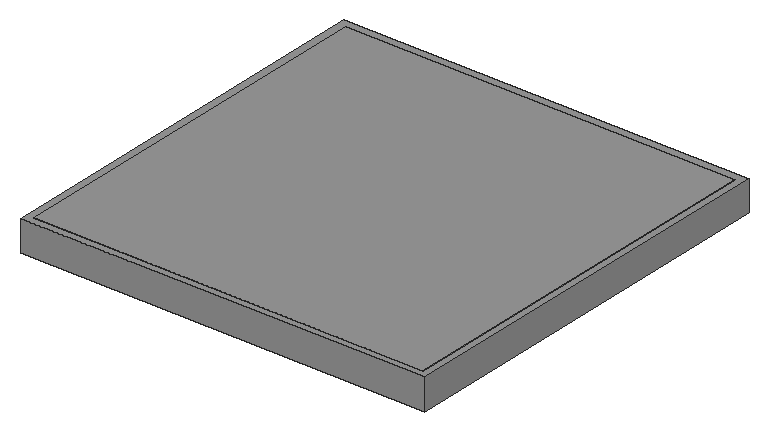
Revit family "ДВО-09 30 Вт Грильято DALI", category Осветительные приборы, Revit 2019 (continued)
Types (6, lengths in mm): name | Эффективность светильника | Файл фотометрической сетки | Тип рассеивателя | Световой поток модуля | built-in parameter 1150142 | Wattage | built-in parameter 1114217 | built-in parameter 1150134 | Lumens | built-in parameter 1150105 | Категория по ограничению яркости | built-in parameter 1150107 | built-in parameter 1150106 | Габаритная яркость | Артикул | URL
    3 238.5 234.7 230.3 226.5 221.8 217.8 213.3 209.3 204.5 200.6 196.1 192.2 187.5 183.7 179.2 175.4 170.9 167.1 162.6 158.6 153.8 149.7 144.9 140.5 135.3 130.9 125.8 121.5 116.3 111.9 107 102.9 98 94.1 89.7 85.9 81.7 78.2 74.4 71.2 67.6 64.7 61.6 58.9 56 53.6 51 48.9 46.5 44.7 42.8 41.1 39.5 38.4 37.1 36 35.1 34.3 33.6 32.9 32.2 31.8 31.1 30.6 30 29.5 28.8 28.2 27.5 26.7 26 25.2 24.3 23.5 22.6 21.4 20 18.6 16.9 15.2 13.4 11.8 10 8.5 6.9 5.6 4.3 3.3\r\n433.6 433.6 433.6 433.6 433.7 433.6 433.6 433.4 433.3 433.1 432.8 432.5 432.2 431.8 431.5 431 430.6 430.1 429.7 429.2 428.6 427.9 427.2 426.4 425.8 424.9 424.1 423.2 422.3 421.5 420.7 419.7 418.8 417.7 416.7 415.4 414.3 413 411.8 410.3 409 407.5 406.1 404.4 402.9 401.1 399.5 397.5 395.8 393.8 391.8 389.6 387.5 385.1 382.8 380.3 377.9 375.2 372.4 369.3 366.4 363 359.6 355.7 352.2 347.9 343.8 339 334.7 329.8 325 319.7 315.1 309.9 305.1 300 295.6 290.7 286.3 281.6 277.7 273.2 269.3 265.1 261.4 257.3 253.5 249.3 245.8 241.7 237.8 233.7 230 225.5 221.7 217.4 213.5 208.9 205.1 200.6 196.7 192 188.2 183.8 180 175.5 171.8 167.5 163.9 159.6 156 151.9 148.2 143.9 140.3 136.1 132.3 127.8 124 119.6 115.7 111.2 107.3 103.1 99.3 95 91.5 87.5 84.2 80.4 77.3 73.9 71.1 67.8 65.2 62.3 59.9 57.2 55 52.7 50.7 48.6 46.9 45 43.4 41.7 40.4 38.9 37.5 36.3 35.2 34.2 33.2 32.3 31.6 30.8 30.1 29.4 28.8 27.9 27.2 26.3 25.4 24.4 23.5 22.4 21.3 20.1 18.9 17.4 16.1 14.5 12.9 11.2 9.8 8.2 7 5.6 4.7 3.8 3.1\r\n433.7 433.7 433.8 433.8 433.8 433.8 433.7 433.5 433.3 433 432.8 432.5 432.1 431.6 431.3 430.8 430.4 429.9 429.5 428.9 428.4 427.6 426.9 426 425.3 424.4 423.6 422.5 421.7 420.8 420 419.1 418.1 417 415.9 414.6 413.4 412 410.8 409.2 407.9 406.4 405 403.3 401.7 399.9 398.2 396.1 394.3 392.1 390.1 387.7 385.4 382.8 380.3 377.5 375 372.1 369.3 366 362.9 359.3 355.8 351.8 348 343.5 339.2 334.1 329.4 324 318.8 312.9 307.8 301.9 296.5 290.7 285.7 280.2 275.2 270.1 265.8 261.1 257 252.5 248.7 244.5 240.7 236.4 232.8 228.7 224.8 220.6 216.9 212.5 208.8 204.5 200.6 196.1 192.3 187.9 184.1 179.6 175.8 171.6 167.9 163.6 159.9 155.9 152.3 148.3 144.9 141.2 137.9 134.1 130.9 127.3 124 120.2 117 113.3 110 106.1 102.8 99.1 95.8 91.9 88.8 85.3 82.5 79.1 76.4 73.4 70.9 67.9 65.6 63 60.9 58.4 56.5 54.4 52.6 50.7 49 47.3 45.7 43.9 42.4 40.6 39.1 37.5 36.1 34.8 33.5 32.5 31.5 30.4 29.6 28.7 28 27 26.1 25 24.1 22.8 21.7 20.4 19.2 17.7 16.4 14.8 13.5 12 10.6 9.1 7.9 6.4 5.4 4.3 3.7 3.2 2.8\r\n433.6 433.6 433.6 433.6 433.6 433.6 433.4 433.4 433.2 433 432.8 432.5 432.2 431.8 431.5 431.1 430.8 430.2 429.9 429.3 428.9 428.1 427.5 426.7 426.1 425.3 424.6 423.7 422.9 422.1 421.3 420.4 419.4 418.4 417.4 416.1 415 413.7 412.5 411.1 409.8 408.4 407 405.3 403.8 402.1 400.5 398.5 396.8 394.9 393 390.8 388.8 386.5 384.3 381.8 379.6 377 374.6 371.7 369.1 366 363 359.6 356.3 352.6 349 344.7 340.9 336.3 332 327.1 322.7 317.6 312.8 307.5 303 297.8 293 287.9 283.4 278.4 274 269.1 264.9 260.3 256 251.3 247.3 242.8 238.6 234.2 230.2 225.5 221.6 217.1 213 208.3 204.4 199.8 195.8 191.2 187.3 183 179.1 174.7 170.9 166.7 163.1 158.9 155.3 151.4 147.9 143.9 140.6 136.8 133.5 129.6 126.3 122.6 119.3 115.5 112.3 108.7 105.6 101.9 98.9 95.5 92.6 89.3 86.5 83.6 80.9 77.9 75.5 72.8 70.4 67.7 65.6 63.2 61.1 58.9 56.9 54.7 52.8 50.7 48.9 46.7 44.9 43 41.3 39.5 38 36.5 35.2 33.8 32.6 31.3 30.3 29.1 28 26.7 25.7 24.4 23.2 21.9 20.7 19.3 18 16.6 15.4 14 12.7 11.3 10.1 8.8 7.7 6.5 5.7 4.9 4.2\r\n433.4 433.4 433.5 433.5 433.4 433.3 433.2 433.3 433.1 433 432.8 432.6 432.3 432.1 431.8 431.4 431.2 430.6 430.4 429.7 429.3 428.7 428.2 427.4 427 426.3 425.6 424.9 424.1 423.4 422.5 421.6 420.8 419.8 418.9 417.7 416.7 415.4 414.3 412.9 411.8 410.3 408.9 407.4 405.9 404.4 402.8 401 399.3 397.6 395.9 393.9 392.3 390.2 388.4 386.1 384.2 381.9 379.8 377.4 375.3 372.6 370.1 367.4 364.7 361.7 358.7 355.4 352.3 348.6 345.2 341.2 337.6 333.2 329.2 324.4 320.3 315.3 310.7 305.6 301 295.8 291 285.7 281.1 276 271.3 266.2 261.9 256.9 252.5 247.7 243.5 238.5 234.4 229.7 225.5 220.6 216.4 211.8 207.6 202.9 198.8 194.4 190.4 185.8 181.9 177.5 173.8 169.4 165.6 161.5 157.9 153.7 150.3 146.3 142.9 138.9 135.6 131.9 128.7 125 121.9 118.4 115.4 111.9 108.9 105.7 102.8 99.5 96.7 93.7 91 87.9 85.4 82.5 79.9 77 74.7 72 69.6 67.1 64.7 62.2 59.9 57.4 55.3 52.9 50.8 48.5 46.5 44.3 42.5 40.5 38.9 37.1 35.5 34 32.6 31.2 29.8 28.4 27.3 25.9 24.7 23.3 22.2 20.9 19.7 18.4 17.2 16 14.8 13.5 12.3 11.1 10 8.8 7.7 6.6 5.6\r\n433.4 433.5 433.6 433.6 433.6 433.6 433.4 433.4 433.3 433.1 432.9 432.7 432.4 432 431.8 431.3 431 430.4 430 429.5 429 428.4 428 427.3 426.7 426 425.3 424.6 423.8 423 422.2 421.2 420.4 419.3 418.4 417.3 416.3 415 413.9 412.5 411.4 410 408.6 407 405.6 404 402.4 400.5 398.9 397 395.2 393.1 391.3 389 387.1 384.6 382.5 379.9 377.5 374.6 372 368.9 366 362.6 359.4 355.8 352.3 348.4 344.9 340.7 336.9 332.7 328.9 324.5 320.5 315.9 312.1 307.5 303.3 298.7 294.6 290 285.7 281.1 277 272.4 268.2 263.7 259.7 255.1 251 246.4 242.5 237.7 233.7 229.2 225.1 220.4 216.4 211.8 207.8 203.1 199 194.6 190.6 185.9 181.9 177.4 173.4 168.7 164.7 160.2 156.3 151.6 147.8 143.3 139.5 134.9 131.1 126.7 123 118.6 114.9 110.8 107.2 103.1 99.8 96 92.8 89.1 86.2 82.9 80.1 76.9 74.4 71.6 69.1 66.4 64.2 61.8 59.7 57.5 55.6 53.6 51.8 49.9 48.3 46.6 45.1 43.5 42.1 40.6 39.3 38 36.9 35.6 34.5 33.3 32.3 31.1 30.1 28.8 27.8 26.5 25.3 24 22.8 21.4 20.1 18.7 17.4 15.9 14.6 13.1 11.7 10.3 8.9 7.5 6.4 5.2 4.4\r\n433.4 433.6 433.7 433.8 433.7 433.8 433.6 433.6 433.5 433.2 433 432.7 432.5 432 431.8 431.1 430.7 430.2 429.7 429.2 428.7 428.2 427.7 427.1 426.5 425.8 425.1 424.3 423.5 422.5 421.8 420.7 419.9 418.8 418 416.9 415.9 414.7 413.6 412.2 411 409.6 408.2 406.7 405.2 403.6 402 400 398.4 396.4 394.5 392.3 390.4 387.9 385.7 383.2 380.7 377.9 375.1 371.9 368.8 365.3 361.8 357.8 354.2 349.9 345.9 341.4 337.4 332.8 328.7 324.1 320.2 315.8 311.8 307.5 303.8 299.7 295.8 291.8 288.2 284.1 280.4 276.5 272.9 268.8 265.1 261.1 257.5 253.3 249.5 245.2 241.4 236.9 233.1 228.7 224.8 220.1 216.3 211.8 207.9 203.3 199.3 194.8 190.8 186 181.9 177.2 173.1 168 163.8 158.9 154.7 149.6 145.3 140.3 136 130.9 126.6 121.6 117.3 112.2 107.9 103.1 99.1 94.3 90.6 86.4 82.8 78.8 75.7 72.1 69.2 66 63.4 60.6 58.3 55.8 53.8 51.6 49.8 48 46.5 44.9 43.6 42.3 41.3 40.2 39.3 38.4 37.7 36.9 36.2 35.4 34.8 34.1 33.4 32.6 31.9 31.1 30.3 29.2 28.3 27.2 26 24.7 23.4 22 20.5 19 17.5 15.8 14.3 12.6 11.1 9.4 7.8 6.2 5 3.9 3.2\r\n433.4 433.6 433.6 433.6 433.6 433.6 433.5 433.5 433.4 433.2 432.9 432.7 432.4 432 431.7 431.2 430.8 430.3 429.8 429.3 428.7 428.2 427.7 427 426.4 425.6 424.9 424.1 423.2 422.4 421.6 420.5 419.7 418.6 417.8 416.6 415.5 414.3 413.2 411.8 410.5 409.1 407.7 406.1 404.7 403 401.4 399.5 397.8 395.9 394 391.9 390 387.7 385.6 383.1 380.7 378.1 375.3 372.3 369.4 366 362.6 358.7 355.3 351 347.1 342.7 338.7 334.1 330 325.3 321.3 316.8 312.7 308.4 304.7 300.5 296.6 292.5 288.9 284.8 281 277.1 273.5 269.5 265.8 261.7 258.2 254 250.2 245.9 242.2 237.7 233.9 229.5 225.6 221 217.1 212.6 208.6 203.9 199.9 195.5 191.5 186.7 182.8 178.2 174.2 169.4 165.4 160.8 156.6 151.7 147.5 142.6 138.3 133.1 128.8 123.7 119.4 114.2 109.9 105.1 101 96.2 92.3 88 84.4 80.2 76.9 73.3 70.2 66.8 64.1 61.1 58.6 55.9 53.7 51.3 49.3 47.3 45.6 43.8 42.4 40.9 39.8 38.7 37.7 36.8 36 35.2 34.6 33.8 33.3 32.6 32 31.3 30.7 29.9 29.2 28.4 27.5 26.6 25.6 24.5 23.5 22.3 21 19.5 18.1 16.4 14.7 13 11.4 9.7 8.2 6.6 5.3 4.1 3.3\r\n433.4 433.5 433.5 433.5 433.6 433.5 433.4 433.3 433.2 433.1 432.8 432.6 432.3 432 431.6 431.3 430.9 430.4 429.9 429.5 428.8 428.3 427.6 426.9 426.3 425.4 424.7 423.9 423 422.2 421.3 420.3 419.5 418.4 417.5 416.2 415.2 413.9 412.8 411.4 410.1 408.6 407.2 405.5 404.1 402.4 400.8 399 397.2 395.4 393.6 391.5 389.6 387.4 385.4 383 380.8 378.2 375.6 372.7 369.9 366.6 363.5 359.6 356.3 352.2 348.3 344 340 335.5 331.3 326.5 322.5 317.8 313.7 309.4 305.6 301.3 297.4 293.1 289.5 285.4 281.7 277.7 274.1 270.1 266.4 262.3 258.8 254.7 250.9 246.7 243 238.5 234.7 230.3 226.5 221.8 217.8 213.3 209.3 204.5 200.6 196.1 192.2 187.5 183.7 179.2 175.4 170.9 167.1 162.6 158.6 153.8 149.7 144.9 140.5 135.3 130.9 125.8 121.5 116.3 111.9 107 102.9 98 94.1 89.7 85.9 81.7 78.2 74.4 71.2 67.6 64.7 61.6 58.9 56 53.6 51 48.9 46.5 44.7 42.8 41.1 39.5 38.4 37.1 36 35.1 34.3 33.6 32.9 32.2 31.8 31.1 30.6 30 29.5 28.8 28.2 27.5 26.7 26 25.2 24.3 23.5 22.6 21.4 20 18.6 16.9 15.2 13.4 11.8 10 8.5 6.9 5.6 4.3 3.3\r\n433.6 433.6 433.6 433.6 433.7 433.6 433.6 433.4 433.3 433.1 432.8 432.5 432.2 431.8 431.5 431 430.6 430.1 429.7 429.2 428.6 427.9 427.2 426.4 425.8 424.9 424.1 423.2 422.3 421.5 420.7 419.7 418.8 417.7 416.7 415.4 414.3 413 411.8 410.3 409 407.5 406.1 404.4 402.9 401.1 399.5 397.5 395.8 393.8 391.8 389.6 387.5 385.1 382.8 380.3 377.9 375.2 372.4 369.3 366.4 363 359.6 355.7 352.2 347.9 343.8 339 334.7 329.8 325 319.7 315.1 309.9 305.1 300 295.6 290.7 286.3 281.6 277.7 273.2 269.3 265.1 261.4 257.3 253.5 249.3 245.8 241.7 237.8 233.7 230 225.5 221.7 217.4 213.5 208.9 205.1 200.6 196.7 192 188.2 183.8 180 175.5 171.8 167.5 163.9 159.6 156 151.9 148.2 143.9 140.3 136.1 132.3 127.8 124 119.6 115.7 111.2 107.3 103.1 99.3 95 91.5 87.5 84.2 80.4 77.3 73.9 71.1 67.8 65.2 62.3 59.9 57.2 55 52.7 50.7 48.6 46.9 45 43.4 41.7 40.4 38.9 37.5 36.3 35.2 34.2 33.2 32.3 31.6 30.8 30.1 29.4 28.8 27.9 27.2 26.3 25.4 24.4 23.5 22.4 21.3 20.1 18.9 17.4 16.1 14.5 12.9 11.2 9.8 8.2 7 5.6 4.7 3.8 3.1\r\n433.7 433.7 433.8 433.8 433.8 433.8 433.7 433.5 433.3 433 432.8 432.5 432.1 431.6 431.3 430.8 430.4 429.9 429.5 428.9 428.4 427.6 426.9 426 425.3 424.4 423.6 422.5 421.7 420.8 420 419.1 418.1 417 415.9 414.6 413.4 412 410.8 409.2 407.9 406.4 405 403.3 401.7 399.9 398.2 396.1 394.3 392.1 390.1 387.7 385.4 382.8 380.3 377.5 375 372.1 369.3 366 362.9 359.3 355.8 351.8 348 343.5 339.2 334.1 329.4 324 318.8 312.9 307.8 301.9 296.5 290.7 285.7 280.2 275.2 270.1 265.8 261.1 257 252.5 248.7 244.5 240.7 236.4 232.8 228.7 224.8 220.6 216.9 212.5 208.8 204.5 200.6 196.1 192.3 187.9 184.1 179.6 175.8 171.6 167.9 163.6 159.9 155.9 152.3 148.3 144.9 141.2 137.9 134.1 130.9 127.3 124 120.2 117 113.3 110 106.1 102.8 99.1 95.8 91.9 88.8 85.3 82.5 79.1 76.4 73.4 70.9 67.9 65.6 63 60.9 58.4 56.5 54.4 52.6 50.7 49 47.3 45.7 43.9 42.4 40.6 39.1 37.5 36.1 34.8 33.5 32.5 31.5 30.4 29.6 28.7 28 27 26.1 25 24.1 22.8 21.7 20.4 19.2 17.7 16.4 14.8 13.5 12 10.6 9.1 7.9 6.4 5.4 4.3 3.7 3.2 2.8\r\n433.6 433.6 433.6 433.6 433.6 433.6 433.4 433.4 433.2 433 432.8 432.5 432.2 431.8 431.5 431.1 430.8 430.2 429.9 429.3 428.9 428.1 427.5 426.7 426.1 425.3 424.6 423.7 422.9 422.1 421.3 420.4 419.4 418.4 417.4 416.1 415 413.7 412.5 411.1 409.8 408.4 407 405.3 403.8 402.1 400.5 398.5 396.8 394.9 393 390.8 388.8 386.5 384.3 381.8 379.6 377 374.6 371.7 369.1 366 363 359.6 356.3 352.6 349 344.7 340.9 336.3 332 327.1 322.7 317.6 312.8 307.5 303 297.8 293 287.9 283.4 278.4 274 269.1 264.9 260.3 256 251.3 247.3 242.8 238.6 234.2 230.2 225.5 221.6 217.1 213 208.3 204.4 199.8 195.8 191.2 187.3 183 179.1 174.7 170.9 166.7 163.1 158.9 155.3 151.4 147.9 143.9 140.6 136.8 133.5 129.6 126.3 122.6 119.3 115.5 112.3 108.7 105.6 101.9 98.9 95.5 92.6 89.3 86.5 83.6 80.9 77.9 75.5 72.8 70.4 67.7 65.6 63.2 61.1 58.9 56.9 54.7 52.8 50.7 48.9 46.7 44.9 43 41.3 39.5 38 36.5 35.2 33.8 32.6 31.3 30.3 29.1 28 26.7 25.7 24.4 23.2 21.9 20.7 19.3 18 16.6 15.4 14 12.7 11.3 10.1 8.8 7.7 6.5 5.7 4.9 4.2\r\n433.4 433.4 433.5 433.5 433.4 433.3 433.2 433.3 433.1 433 432.8 432.6 432.3 432.1 431.8 431.4 431.2 430.6 430.4 429.7 429.3 428.7 428.2 427.4 427 426.3 425.6 424.9 424.1 423.4 422.5 421.6 420.8 419.8 418.9 417.7 416.7 415.4 414.3 412.9 411.8 410.3 408.9 407.4 405.9 404.4 402.8 401 399.3 397.6 395.9 393.9 392.3 390.2 388.4 386.1 384.2 381.9 379.8 377.4 375.3 372.6 370.1 367.4 364.7 361.7 358.7 355.4 352.3 348.6 345.2 341.2 337.6 333.2 329.2 324.4 320.3 315.3 310.7 305.6 301 295.8 291 285.7 281.1 276 271.3 266.2 261.9 256.9 252.5 247.7 243.5 238.5 234.4 229.7 225.5 220.6 216.4 211.8 207.6 202.9 198.8 194.4 190.4 185.8 181.9 177.5 173.8 169.4 165.6 161.5 157.9 153.7 150.3 146.3 142.9 138.9 135.6 131.9 128.7 125 121.9 118.4 115.4 111.9 108.9 105.7 102.8 99.5 96.7 93.7 91 87.9 85.4 82.5 79.9 77 74.7 72 69.6 67.1 64.7 62.2 59.9 57.4 55.3 52.9 50.8 48.5 46.5 44.3 42.5 40.5 38.9 37.1 35.5 34 32.6 31.2 29.8 28.4 27.3 25.9 24.7 23.3 22.2 20.9 19.7 18.4 17.2 16 14.8 13.5 12.3 11.1 10 8.8 7.7 6.6 5.6\r\n433.4 433.5 433.6 433.6 433.6 433.6 433.4 433.4 433.3 433.1 432.9 432.7 432.4 432 431.8 431.3 431 430.4 430 429.5 429 428.4 428 427.3 426.7 426 425.3 424.6 423.8 423 422.2 421.2 420.4 419.3 418.4 417.3 416.3 415 413.9 412.5 411.4 410 408.6 407 405.6 404 402.4 400.5 398.9 397 395.2 393.1 391.3 389 387.1 384.6 382.5 379.9 377.5 374.6 372 368.9 366 362.6 359.4 355.8 352.3 348.4 344.9 340.7 336.9 332.7 328.9 324.5 320.5 315.9 312.1 307.5 303.3 298.7 294.6 290 285.7 281.1 277 272.4 268.2 263.7 259.7 255.1 251 246.4 242.5 237.7 233.7 229.2 225.1 220.4 216.4 211.8 207.8 203.1 199 194.6 190.6 185.9 181.9 177.4 173.4 168.7 164.7 160.2 156.3 151.6 147.8 143.3 139.5 134.9 131.1 126.7 123 118.6 114.9 110.8 107.2 103.1 99.8 96 92.8 89.1 86.2 82.9 80.1 76.9 74.4 71.6 69.1 66.4 64.2 61.8 59.7 57.5 55.6 53.6 51.8 49.9 48.3 46.6 45.1 43.5 42.1 40.6 39.3 38 36.9 35.6 34.5 33.3 32.3 31.1 30.1 28.8 27.8 26.5 25.3 24 22.8 21.4 20.1 18.7 17.4 15.9 14.6 13.1 11.7 10.3 8.9 7.5 6.4 5.2 4.4\r\n433.4 433.6 433.7 433.8 433.7 433.8 433.6 433.6 433.5 433.2 433 432.7 432.5 432 431.8 431.1 430.7 430.2 429.7 429.2 428.7 428.2 427.7 427.1 426.5 425.8 425.1 424.3 423.5 422.5 421.8 420.7 419.9 418.8 418 416.9 415.9 414.7 413.6 412.2 411 409.6 408.2 406.7 405.2 403.6 402 400 398.4 396.4 394.5 392.3 390.4 387.9 385.7 383.2 380.7 377.9 375.1 371.9 368.8 365.3 361.8 357.8 354.2 349.9 345.9 341.4 337.4 332.8 328.7 324.1 320.2 315.8 311.8 307.5 303.8 299.7 295.8 291.8 288.2 284.1 280.4 276.5 272.9 268.8 265.1 261.1 257.5 253.3 249.5 245.2 241.4 236.9 233.1 228.7 224.8 220.1 216.3 211.8 207.9 203.3 199.3 194.8 190.8 186 181.9 177.2 173.1 168 163.8 158.9 154.7 149.6 145.3 140.3 136 130.9 126.6 121.6 117.3 112.2 107.9 103.1 99.1 94.3 90.6 86.4 82.8 78.8 75.7 72.1 69.2 66 63.4 60.6 58.3 55.8 53.8 51.6 49.8 48 46.5 44.9 43.6 42.3 41.3 40.2 39.3 38.4 37.7 36.9 36.2 35.4 34.8 34.1 33.4 32.6 31.9 31.1 30.3 29.2 28.3 27.2 26 24.7 23.4 22 20.5 19 17.5 15.8 14.3 12.6 11.1 9.4 7.8 6.2 5 3.9 3.2\r\n433.4 433.6 433.6 433.6 433.6 433.6 433.5 433.5 433.4 433.2 432.9 432.7 432.4 432 431.7 431.2 430.8 430.3 429.8 429.3 428.7 428.2 427.7 427 426.4 425.6 424.9 424.1 423.2 422.4 421.6 420.5 419.7 418.6 417.8 416.6 415.5 414.3 413.2 411.8 410.6 409.1 407.7 406.1 404.7 403 401.4 399.5 397.8 395.9 394 391.9 390 387.7 385.6 383.1 380.7 378.1 375.3 372.3 369.4 366 362.6 358.7 355.3 351 347.1 342.7 338.7 334.1 330 325.3 321.4 316.8 312.7 308.4 304.7 300.5 296.6 292.5 288.9 284.8 281 277.1 273.5 269.5 265.8 261.7 258.2 254 250.2 245.9 242.2 237.7 233.9 229.5 225.6 221 217.1 212.6 208.6 203.9 199.9 195.5 191.5 186.7 182.8 178.2 174.2 169.4 165.4 160.8 156.6 151.7 147.5 142.6 138.3 133.1 128.8 123.7 119.4 114.2 109.9 105.1 101 96.2 92.3 88 84.4 80.2 76.9 73.3 70.2 66.8 64.1 61.1 58.6 55.9 53.7 51.3 49.3 47.3 45.6 43.8 42.4 40.9 39.8 38.7 37.7 36.8 36 35.2 34.6 33.8 33.3 32.6 32 31.3 30.7 29.9 29.2 28.4 27.5 26.6 25.6 24.5 23.5 22.3 21 19.5 18.1 16.4 14.7 13 11.4 9.7 8.2 6.6 5.3 4.1 3.3\r\n433.4 433.5 433.5 433.5 433.6 433.5 433.4 433.3 433.2 433.1 432.8 432.6 432.3 432 431.6 431.3 430.9 430.4 429.9 429.5 428.8 428.3 427.6 426.9 426.3 425.4 424.7 423.9 423 422.2 421.3 420.3 419.5 418.4 417.5 416.2 415.2 413.9 412.8 411.4 410.1 408.6 407.2 405.5 404.1 402.4 400.8 399 397.2 395.4 393.6 391.5 389.7 387.4 385.4 383 380.8 378.2 375.6 372.7 369.9 366.6 363.5 359.6 356.3 352.2 348.3 344 340 335.5 331.3 326.5 322.5 317.8 313.7 309.4 305.6 301.3 297.4 293.2 289.5 285.4 281.7 277.7 274.1 270.1 266.4 262.3 258.8 254.7 250.9 246.7 243 238.5 234.7 230.3 226.5 221.8 217.8 213.3 209.3 204.5 200.6 196.1 192.2 187.5 183.7 179.2 175.4 170.9 167.1 162.6 158.6 153.8 149.7 144.9 140.6 135.3 13
